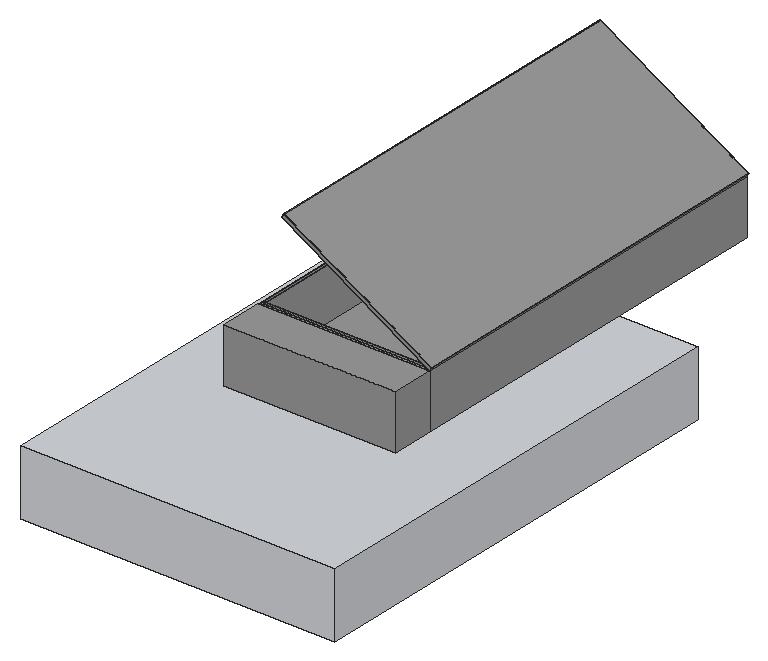
Revit family "Hager-Univers-IP55-D275-H2050-Cl.II-Steel_encl-NoHosted-DE-de", category Equipement électrique, Revit 2020
Family settings
  Hôte = Face
  Configuration du panneau = Deux colonnes, circuits au sein
  Cote de connecteur circulaire = Utiliser le diamètre
  Type d'élément = Tableau de raccordement
  Couper avec des vides une fois chargée = Non
  Partagée = Non
  Point de calcul de pièce = Non
Parameters (values of type "Bodenaufstellung IP55 B800 H2050 T275  - FR23S2")
  Width Control [instance] = if([EF000008 - Breite] > Min Width, [EF000008 - Breite], Min Width)  # 800 mm
  Commentaires du type = [HG000003 - Bereich]  # "Univers"
  Thickness Door [instance] = if([EF009171 - Materialstärke Tür/Deckel] > 3 mm, 3 mm, [EF009171 - Materialstärke Tür/Deckel])  # 1.5 mm
  Seal Frame Offset [instance] = 17 mm  # constant formula
  Plinth Visibility [instance] = [HG000027 - Sockelhöhe] > 0 mm  # yes
  Model = ""
  Min Width [instance] = 100 mm  # constant formula
  Min Height [instance] = 100 mm  # constant formula
  Min Depth [instance] = (2 * [EF009170 - Materialstärke Gehäuse]) + 1 mm  # 4 mm
  Internal Frame Depth [instance] = (Door System Depth * 0.5)  # 9 mm
  Height Control [instance] = if([EF000040 - Höhe] > Min Height, [EF000040 - Höhe], Min Height)  # 2050 mm
  HG000027 - Sockelhöhe = 200 mm
  HG000026 - Stehend auf dem Boden = yes
  HG000024 - Höhe des unteren Teils = 800 mm
  HG000023 - Gehäuse mit doppeltem Querschnitt = no
  HG000016 - 3D-Türsichtbarkeit [instance] = yes
  HG000015 - Sichtbarkeit der Türöffnung [instance] = no
  HG000014 - Tür rechts [instance] = yes
  HG000013 - Tür links [instance] = not([HG000014 - Tür rechts])  # no
  HG000012 - Türschwenkwinkel [instance] = 30.00°
  HG000010 - Asymmetrische Türen = no
  HG000009 - Doppelflügeligen Tür = no
  HG000006 - Unterputz = no
  HG000004 - Herstellerreferenz = "FR23S2"
  HG000003 - Bereich = "Univers"
  HG000002 - Mit tür = yes
  Frame Offset Bottom [instance] = 10 mm  # constant formula
  Frame Offset [instance] = 15 mm  # constant formula
  EF015940 - Deckel mit Überdruckentlastung = no
  EF011959 - Schutzart (NEMA) = ""
  EF009554 - Anzahl der Öffnungen für Flanschplatten = 6
  Fabricant = "Hager"  # constant formula
  EF009212 - Ausführung Deckel = "EV000116 - geschlossen"
  EF009171 - Materialstärke Tür/Deckel = 1.5 mm
  EF009170 - Materialstärke Gehäuse = 1.5 mm
  EF008873 - Nennstrom (In) = 800 A
  EF007800 - Geeignet für Blitzschutz = no
  EF006306 - Mit Schloss = no
  EF006244 - Transparenter Deckel/Tür = no
  EF005474 - Schutzart (IP) = "EV006420 - IP55"
  EF004464 - Art der Tür = "EV002646 - Einzel"
  EF004427 - Anzahl der Module = 432
  EF004293 - Schlagfestigkeit = "EV008784 - IK10"
  EF003532 - Geeignet für Außengebrauch = no
  EF002950 - Breite in Teilungseinheiten = 24
  EF001613 - Funktionserhalt = "EV000494 - ohne"
  EF001596 - Werkstoff des Gehäuses = "EV000179 - Stahl"
  EF001131 - Innentiefe = 275 mm
  EF001088 - Anbaumöglichkeit = yes
  EF000437 - Anzahl der Leitungseinführungen = 6
  EF000339 - Art der Abdeckung = "EV004216 - Tür"
  EF000266 - Anzahl der Reihen = 12
  EF000218 - Einbautiefe = 0 mm
  EF000118 - Mit Montageplatte = no
  EF000116 - RAL-Nummer = "7035"
  EF000049 - Tiefe = 275 mm
  EF000040 - Höhe = 2050 mm
  EF000008 - Breite = 800 mm
  EF000007 - Farbe = "EV000270 - grau"
  EF000003 - Montageart = "EV012274 - Bodenaufstellung"
  Door System Leaf Tolerance [instance] = 1.5 mm  # constant formula
  Door System Depth [instance] = 18 mm  # constant formula
  Door Height [instance] = Height Control - [HG000027 - Sockelhöhe]  # 1850 mm
  Depth Control [instance] = if([EF000049 - Tiefe] > Min Depth, [EF000049 - Tiefe], Min Depth)  # 275 mm
  Default Elevation = 0 mm
  Connector Offset [instance] = Height Control / 2  # 1025 mm
  Bottom Top Plate Trim [instance] = 1.5 mm  # constant formula
  Plinth height Ctrl [instance] = if([HG000027 - Sockelhöhe] > 0 mm, [HG000027 - Sockelhöhe], 12 mm)  # 200 mm
Types (11, lengths in mm): name | Width Control | HG000010 - Asymmetrische Türen | HG000009 - Doppelflügeligen Tür | HG000004 - Herstellerreferenz | EF009554 - Anzahl der Öffnungen für Flanschplatten | EF006244 - Transparenter Deckel/Tür | EF004464 - Art der Tür | EF004427 - Anzahl der Module | EF000437 - Anzahl der Leitungseinführungen | EF000008 - Breite
  Bodenaufstellung IP55 B1050 H2050 T275  - FR24L2 | 1050 | yes | yes | "FR24L2" | 8 | yes | "EV003602 - Doppel" | 576 | 8 | 1050
  Bodenaufstellung IP55 B1050 H2050 T275  - FR24S2 | 1050 | yes | yes | "FR24S2" | 8 | no | "EV003602 - Doppel" | 576 | 8 | 1050
  Bodenaufstellung IP55 B1300 H2050 T275  - FR25L2 | 1300 | yes | yes | "FR25L2" | 10 | yes | "EV003602 - Doppel" | 720 | 10 | 1300
  Bodenaufstellung IP55 B1300 H2050 T275  - FR25S2 | 1300 | yes | yes | "FR25S2" | 10 | no | "EV003602 - Doppel" | 720 | 10 | 1300
  Bodenaufstellung IP55 B1550 H2050 T275  - FR26L2 | 1550 | yes | yes | "FR26L2" | 12 | yes | "EV003602 - Doppel" | 864 | 12 | 1550
  Bodenaufstellung IP55 B1550 H2050 T275  - FR26S2 | 1550 | yes | yes | "FR26S2" | 12 | no | "EV003602 - Doppel" | 864 | 12 | 1550
  Bodenaufstellung IP55 B300 H2050 T275  - FR21S2 | 300 | no | no | "FR21S2" | 2 | no | "EV002646 - Einzel" | 144 | 2 | 300
  Bodenaufstellung IP55 B550 H2050 T275  - FR22L2 | 550 | no | no | "FR22L2" | 4 | yes | "EV002646 - Einzel" | 288 | 4 | 550
  Bodenaufstellung IP55 B550 H2050 T275  - FR22S2 | 550 | no | no | "FR22S2" | 4 | no | "EV002646 - Einzel" | 288 | 4 | 550
  Bodenaufstellung IP55 B800 H2050 T275  - FR23L2 | 800 | no | no | "FR23L2" | 6 | yes | "EV002646 - Einzel" | 432 | 6 | 800
  Bodenaufstellung IP55 B800 H2050 T275  - FR23S2 | 800 | no | no | "FR23S2" | 6 | no | "EV002646 - Einzel" | 432 | 6 | 800
Reference planes
  plane 1 "Center (Front/Back)": y = 0
  plane 2: z = 0
  plane 3 "Center (Left/Right)": x = 0
  plane 4: z = 275
  plane 5: y = 201.5
  plane 6: y = 1125
  plane 7: y = 200
  plane 8: y = 2050
  plane 9: z = 0
  plane 10: x = -385
  plane 11: x = 385
  plane 12: x = 383.5
  plane 13: x = -383.5
  plane 14: y = 2048.5
  plane 15: x = -383
  plane 16: x = -400
  plane 17: x = 383
  plane 18: x = 400
  plane 19: x = 398.5
  plane 20: x = -398.5
  plane 21: y = 211.5
  plane 22: y = 2050
  plane 23: y = 2033.5
  plane 24: z = 257
  plane 25: z = 1.5
  plane 26: z = 255.5
  plane 27: z = 273.5
Forms (mm)
  Extrusion 1, solid
    sketch origin (0, 0, 0) x (1, 0, 0) y (0, 1, 0)
      loop
        line (-702.964, 1305) -> (-702.964, -811.445) -> (766.763, -811.445) -> (766.763, 1305) -> (-702.964, 1305)
    from 0 to -304.8
  Extrusion 2, solid, material "Hager_Steel_RAL7035_Light_Grey", visible <- "Plinth Visibility", detail levels medium+fine
    sketch origin (0, 0, 0) x (1, 0, 0) y (0, 1, 0)
      loop
        line (-400, 0) -> (400, 0) -> (400, 200) -> (-400, 200) -> (-400, 0)
    from 0 to 257
  Extrusion 3, solid, material "Hager_Steel_RAL7035_Light_Grey", detail levels medium+fine
    sketch origin (0, 0, 0) x (1, 0, 0) y (0, 1, 0)
      loop
        line (-400, 200) -> (400, 200) -> (400, 2050) -> (-400, 2050) -> (-400, 200)
    from 0 to 257
  Extrusion 4, void
    sketch origin (0, 0, 0) x (1, 0, 0) y (0, 1, 0)
      loop
        line (-398.5, 201.5) -> (398.5, 201.5) -> (398.5, 2048.5) -> (-398.5, 2048.5) -> (-398.5, 201.5)
    from 1.5 to 255.5
  Extrusion 5, void
    sketch origin (-381.607, -4572, 257) x (0, -1, 0) y (-1, 0, 0)
      loop
        line (-4783.5, 1.893) -> (-6605.5, 1.893) -> (-6605.5, -765.107) -> (-4783.5, -765.107) -> (-4783.5, 1.893)
    from 0 to 1.5 <- "EF009170 - Materialstärke Gehäuse"
  Extrusion 6, solid, material "Hager_Steel_RAL7035_Light_Grey", detail levels fine
    sketch origin (0, 0, 257) x (1, 0, 0) y (0, 1, 0)
      loop
        line (-383.5, 2033.5) -> (-383.5, 211.5) -> (383.5, 211.5) -> (383.5, 2033.5) -> (-383.5, 2033.5)
      loop
        line (-385, 210) -> (385, 210) -> (385, 2035) -> (-385, 2035) -> (-385, 210)
    from 0 to 9 <- "Internal Frame Depth"
  Extrusion 7, solid, material "Hager_Steel_RAL7035_Light_Grey", detail levels coarse
    sketch origin (0, 0, 0) x (1, 0, 0) y (0, 1, 0)
      loop
        line (-400, 0) -> (400, 0) -> (400, 2050) -> (-400, 2050) -> (-400, 0)
    from 0 to 275
  Sweep 8, void
    path in 3D
      loop
        line (-400, 200, 0) -> (400, 200, 0) -> (400, 200, 257) -> (-400, 200, 257) -> (-400, 200, 0)
    profile origin (-400, 200, 128.5) x (-1, 0, 0) y (0, -1, 0)
      loop
        line (0, 0) -> (0, 1.5) -> (-1.5, 1.5)
        arc (-1.5, 1.5) -> (-1.061, 0.439) -> (0, 0) r 1.5
Cuts and joins
  Extrusion 4, Extrusion 5 cuts Extrusion 3
  Sweep 8 cuts Extrusion 2
Lines and regions (mm)
  Masking region 1
    outline origin (0, 0, 0) x (1, 0, 0) y (0, 0, 1)
      loop
        line (-400, 275) -> (-400, 0) -> (400, 0) -> (400, 275) -> (-400, 275)
  Masking region 2, detail levels medium+fine
    outline origin (0, 140, 0) x (0, 1, 0) y (0, 0, 1)
      loop
        line (60, 0) -> (1910, 0) -> (1910, 257) -> (60, 257) -> (60, 0)
  Masking region 3, not visible, detail levels medium+fine
    outline origin (0, 297.922, 0) x (0, 1, 0) y (0, 0, 1)
      loop
        line (838.578, 0) -> (878.578, 0) -> (878.578, 263.5)
        arc (878.578, 263.5) -> (875.649, 270.571) -> (868.578, 273.5) r 10
        line (868.578, 273.5) -> (838.578, 273.5) -> (838.578, 0)
  Masking region 4, detail levels coarse
    outline origin (0, 0, 180) x (0, 1, 0) y (0, 0, 1)
      loop
        line (0, -180) -> (2050, -180) -> (2050, 95) -> (0, 95) -> (0, -180)
  Masking region 5, visible <- "Plinth Visibility", detail levels medium+fine
    outline origin (0, 52.24, 12.345) x (0, 0, -1) y (0, 1, 0)
      loop
        line (10.845, 147.76) -> (-243.155, 147.76)
        arc (-243.155, 147.76) -> (-243.594, 146.699) -> (-244.655, 146.26) r 1.5
        line (-244.655, 146.26) -> (-244.655, -52.24) -> (12.345, -52.24) -> (12.345, 146.26)
        arc (12.345, 146.26) -> (11.285, 146.699) -> (10.845, 147.76) r 1.5
  Masking region 6, detail levels medium+fine
    outline origin (-381.607, -4572, 257) x (-1, 0, 0) y (0, -1, 0)
      loop
        line (18.393, -6622) -> (18.393, -4772) -> (-781.607, -4772) -> (-781.607, -6622) -> (18.393, -6622)
  Masking region 7, visible <- "Plinth Visibility", detail levels medium+fine
    outline origin (-381.607, -4727, 257) x (-1, 0, 0) y (0, -1, 0)
      loop
        arc (16.893, -4927) -> (17.332, -4925.939) -> (18.393, -4925.5) r 1.5
        line (18.393, -4925.5) -> (18.393, -4727) -> (-781.607, -4727) -> (-781.607, -4925.5)
        arc (-781.607, -4925.5) -> (-780.546, -4925.939) -> (-780.107, -4927) r 1.5
        line (-780.107, -4927) -> (16.893, -4927)
  Masking region 8, detail levels coarse
    outline origin (-442.548, -4669.526, 257) x (-1, 0, 0) y (0, -1, 0)
      loop
        line (-42.548, -6719.526) -> (-42.548, -4669.526) -> (-842.548, -4669.526) -> (-842.548, -6719.526) -> (-42.548, -6719.526)
  sketch lines
    curve 1: line (-400, 200, 257) -> (-400, 200, 0)
    curve 2: line (400, 200, 257) -> (-400, 200, 257)
    curve 3: line (400, 200, 257) -> (400, 200, 0)
    curve 4: line (-400, 200, 0) -> (400, 200, 0)
Dimensions and locks
  "Depth Control": plane 4 to Extrusion 1
  "HG000027 - Sockelhöhe": plane 1 "Center (Front/Back)" to plane 7
  "EF009170 - Materialstärke Gehäuse": plane 5 to plane 7
  locked: connector elem to plane 3 "Center (Left/Right)"
  equal spacing: plane 8, plane 6, plane 7
  locked: connector elem to plane 6
  "EF009170 - Materialstärke Gehäuse": plane 8 to plane 14
  "EF009170 - Materialstärke Gehäuse": plane 10 to plane 13
  "EF009170 - Materialstärke Gehäuse": plane 12 to plane 11
  "Frame Offset": plane 20 to plane 13
  "Frame Offset": plane 12 to plane 19
  "EF009170 - Materialstärke Gehäuse": plane 16 to plane 20
  "EF009170 - Materialstärke Gehäuse": plane 19 to plane 18
  "Seal Frame Offset": plane 16 to plane 15
  "Seal Frame Offset": plane 17 to plane 18
  "Frame Offset Bottom": plane 21 to plane 5
  "Frame Offset": plane 14 to plane 23
  equal spacing: plane 16, plane 3 "Center (Left/Right)", plane 18
  "Width Control": plane 16 to plane 18
  "EF009170 - Materialstärke Gehäuse": plane 4 to plane 27
  "EF009170 - Materialstärke Gehäuse": plane 24 to plane 26
  "EF009170 - Materialstärke Gehäuse": plane 25 to level
  "Door System Depth": plane 4 to plane 24
  "Height Control": plane 1 "Center (Front/Back)" to Extrusion 7 sketch curve
  "Height Control": Masking region 4 sketch curve to plane 1 "Center (Front/Back)"
  "Height Control": plane 1 "Center (Front/Back)" to plane 22
  "Bottom Top Plate Trim": profile plane to Sweep 8 sketch curve
  "Bottom Top Plate Trim": Sweep 8 sketch curve to profile plane
  "Plinth height Ctrl": plane 1 "Center (Front/Back)" to Extrusion 2 sketch curve
  "Plinth height Ctrl": Masking region 5 sketch curve to plane 1 "Center (Front/Back)"
  "Plinth height Ctrl": plane 1 "Center (Front/Back)" to Masking region 7 sketch curve
  "Thickness Door": Extrusion 6 sketch curve to Extrusion 6 sketch curve  (x3)
  "Thickness Door": cut or joined group of Extrusion 3, Extrusion 4, Extrusion 5 to Extrusion 6 sketch curve
  radius of Masking region 3 sketch curve = 10 mm
  "Bottom Top Plate Trim": radius of Masking region 5 sketch curve  (x2)
  "Bottom Top Plate Trim": radius of Sweep 8 sketch curve
  "Bottom Top Plate Trim": radius of Masking region 7 sketch curve  (x2)
  aligned and locked: plane 2 to Extrusion 1
  aligned and locked: level to Extrusion 1
  aligned and locked: level to Masking region 1 sketch curve
  aligned and locked: Masking region 1 sketch curve to plane 18
  aligned and locked: Masking region 1 sketch curve to plane 16
  aligned and locked: plane 7 to Masking region 2 sketch curve
  aligned and locked: level to Masking region 3 sketch curve
  aligned and locked: Masking region 3 sketch curve to plane 27
  aligned and locked: level to Masking region 2 sketch curve
  aligned and locked: plane 1 "Center (Front/Back)" to Extrusion 2 sketch curve
  aligned and locked: Extrusion 3 sketch curve to plane 7
  aligned and locked: plane 16 to Extrusion 3 sketch curve
  aligned and locked: plane 18 to Extrusion 3 sketch curve
  aligned and locked: plane 20 to Extrusion 4 sketch curve
  aligned and locked: plane 19 to Extrusion 4 sketch curve
  aligned and locked: Extrusion 4 sketch curve to plane 5
  aligned and locked: Extrusion 4 to plane 25
  aligned and locked: plane 26 to Extrusion 4
  aligned and locked: plane 24 to Extrusion 3
  aligned and locked: Extrusion 5 sketch curve to plane 21
  aligned and locked: Extrusion 5 sketch curve to plane 13
  aligned and locked: Extrusion 5 sketch curve to plane 12
  aligned and locked: plane 18 to Extrusion 7 sketch curve
  aligned and locked: plane 1 "Center (Front/Back)" to Extrusion 7 sketch curve
  aligned and locked: plane 16 to Extrusion 7 sketch curve
  aligned and locked: plane 4 to Extrusion 7
  aligned and locked: Extrusion 7 to level
  aligned and locked: level to Masking region 4 sketch curve
  aligned and locked: Masking region 4 sketch curve to plane 1 "Center (Front/Back)"
  aligned and locked: Masking region 4 sketch curve to plane 4
  aligned and locked: nested 1 to level
  aligned and locked: nested 1 to plane 16
  aligned and locked: plane 8 to Extrusion 3 sketch curve
  aligned and locked: plane 23 to Extrusion 5 sketch curve
  aligned and locked: plane 14 to Extrusion 4 sketch curve
  aligned and locked: Masking region 2 sketch curve to plane 8
  aligned and locked: level to Masking region 5 sketch curve
  aligned and locked: plane 16 to Extrusion 2 sketch curve
  aligned and locked: plane 18 to Extrusion 2 sketch curve
  aligned and locked: Masking region 5 sketch curve to plane 24
  aligned and locked: Masking region 2 sketch curve to plane 24
  aligned and locked: plane 24 to Extrusion 2
  aligned and locked: profile plane to Sweep 8 sketch curve  (x2)
  aligned and locked: Masking region 6 sketch curve to plane 18
  aligned and locked: Masking region 6 sketch curve to plane 22
  aligned and locked: Masking region 6 sketch curve to plane 16
  aligned and locked: plane 8 to plane 22
  aligned and locked: Masking region 6 sketch curve to plane 7
  aligned and locked: Masking region 7 sketch curve to plane 16
  aligned and locked: Masking region 7 sketch curve to plane 1 "Center (Front/Back)"
  aligned and locked: Masking region 7 sketch curve to plane 18
  aligned and locked: Masking region 8 sketch curve to plane 1 "Center (Front/Back)"
  aligned and locked: Masking region 8 sketch curve to plane 18
  aligned and locked: Masking region 8 sketch curve to plane 22
  aligned and locked: Masking region 8 sketch curve to plane 16
  aligned and locked: nested 2 to plane 7
  aligned and locked: plane 3 "Center (Left/Right)" to nested 2
  aligned and locked: nested 2 to plane 24
  aligned and locked: Extrusion 6 sketch curve to cut or joined group of Extrusion 3, Extrusion 4, Extrusion 5  (x4)
Automatic sketch dimensions
  Extrusion 1 sketch curve to Extrusion 1 sketch curve = 1469.727 mm
  Extrusion 1 sketch curve to Extrusion 1 sketch curve = 2116.445 mm
  Masking region 1 sketch curve to plane 4 = 0 mm
  plane 6 to Masking region 3 sketch curve = 11.5 mm
  Masking region 3 sketch curve to Masking region 3 sketch curve = 30 mm
  Masking region 5 sketch curve to plane 1 "Center (Front/Back)" = 0 mm
Nested families
  nested 1: "Hager_Enclosure_Symbol" at (-400, 0, 0) x (1, 0, 0) z (0, -1, 0), Height <- "Depth Control", Width <- "Width Control", type "Hager_Enclosure_Symbol"
    with Width_Ctrl 800 mm, Width 800 mm, Height_Ctrl 275 mm, Height 275 mm, A_Width_Int 18.047 mm, A_Width 216.562 mm, A_Height_Ctrl 240.625 mm, A_Height 240.625 mm
  nested 2: "EC000058_Univers_Door" at (0, 200, 257) x (1, 0, 0) z (0, 1, 0), Leaf_Tolerance <- "Door System Leaf Tolerance", Angle <- "HG000012 - Türschwenkwinkel", Door_Depth <- "Door System Depth", Door_Left <- "HG000013 - Tür links", Transparent <- "EF006244 - Transparenter Deckel/Tür", Assymetrical <- "HG000010 - Asymmetrische Türen", Width <- "Width Control", Clearance <- "HG000015 - Sichtbarkeit der Türöffnung", Double <- "HG000009 - Doppelflügeligen Tür", 3d_Door <- "HG000016 - 3D-Türsichtbarkeit", Lock_Visibility <- "EF006306 - Mit Schloss", Width_Ctrl <- "Width Control", Door_Right <- "HG000014 - Tür rechts", Door <- "HG000002 - Mit tür", Height <- "Door Height", Thickness <- "Thickness Door", type "EC000058_Univers_Door", detail levels medium+fine
    with min_wh 4 mm, Width_Ctrl 800 mm, Width 800 mm, Transparent no, Thickness 1.5 mm, Seal_Material Hager_Rubber, Lock_Visibility no, Lock_Material Hager_Plastic_RAL9005_Jet_Black, Leaf_Width 800 mm, Leaf_Tolerance_External_Sides 0 mm, Leaf_Tolerance 1.5 mm, Leaf_Offset 0 mm, Leaf_Height 1847 mm, Leaf_2_Width 800 mm, Leaf_2_Offset 400 mm, Leaf_1_Width 800 mm, Leaf_1_Offset 400 mm, Height_Ctrl 1850 mm, Height 1850 mm, Glass_Material Hager_Glass, Double_Clearance_Ctrl no, Double no, Door_Right_Ctrl yes, Door_Right yes, Door_Material Hager_Steel_RAL7035_Light_Grey, Door_Left_Ctrl no, Door_Left no, Door_Depth 18 mm, Door yes, Clearance_Material Hager_Clearance, Clearance_Depth 800 mm, Clearance_Ctrl no, Clearance no, Assymetrical no, Angle 30.00°, 3d_Door yes
Connectors
  electrical at (0, 1125, 0)
    settings: on plane 9, index 1, voltage 0 V, apparent load 0 VA, apparent load phase1 0 VA, apparent load phase2 0 VA, apparent load phase3 0 VA, power factor 1, load classification "Other", number of poles 1, system type 30, power factor state 1, is connector primary yes, connector utility no, sub classification motor no, connector description ""
Definition of nested family "EC000058_Univers_Door"
  Parameters (values of type "EC000058_Univers_Door")
    min_wh [instance] = (2 * Thickness) + 1 mm  # 11 mm
    Width_Ctrl [instance] = 400 mm
    Width [instance] = 500 mm
    Transparent [instance] = yes
    Thickness [instance] = 5 mm
    Seal_Material [instance] = none
    Lock_Visibility [instance] = yes
    Lock_Material [instance] = none
    Leaf_Width [instance] = if((Width_Ctrl - 2 * Leaf_Tolerance_External_Sides) > 0 mm, (Width_Ctrl - 2 * Leaf_Tolerance_External_Sides), min_wh)  # 400 mm
    Leaf_Tolerance_External_Sides [instance] = 0 mm  # constant formula
    Leaf_Tolerance [instance] = 1.5 mm
    Leaf_Offset [instance] = 0 mm  # constant formula
    Leaf_Height [instance] = if((Height_Ctrl - 2 * Leaf_Tolerance) > 0 mm, (Height_Ctrl - 2 * Leaf_Tolerance), min_wh)  # 497 mm
    Leaf_2_Width [instance] = if(and(and(Double, Assymetrical), Door_Left), (Leaf_Width / 3) - (Leaf_Tolerance / 2), if(and(and(Double, Assymetrical), Door_Right), (Leaf_Width / 3) * 2 - (Leaf_Tolerance / 2), if(and(Double, not(Assymetrical)), (Leaf_Width / 2) - Leaf_Tolerance, Leaf_Width)))  # 400 mm
    Leaf_2_Offset [instance] = if(and(Double, Assymetrical), Leaf_2_Width / 2, if(and(Double, not(Assymetrical)), Leaf_Width / 4, Leaf_Width / 2))  # 200 mm
    Leaf_1_Width [instance] = if(and(and(Double, Assymetrical), Door_Right), (Leaf_Width / 3) - (Leaf_Tolerance / 2), if(and(and(Double, Assymetrical), Door_Left), (Width / 3) * 2 - (Leaf_Tolerance / 2), if(and(Double, not(Assymetrical)), (Leaf_Width / 2) - Leaf_Tolerance, Leaf_Width)))  # 400 mm
    Leaf_1_Offset [instance] = if(and(Double, Assymetrical), Leaf_1_Width / 2, if(and(Double, not(Assymetrical)), Leaf_Width / 4, Leaf_Width / 2))  # 200 mm
    Height_Ctrl [instance] = if(Height > min_wh, Height, min_wh)  # 500 mm
    Height [instance] = 500 mm
    Glass_Material [instance] = none
    Double_Clearance_Ctrl [instance] = and(Double, Clearance)  # no
    Double [instance] = no
    Door_Right_Ctrl [instance] = and(or(Door_Right, Double), Door)  # yes
    Door_Right [instance] = yes
    Door_Material [instance] = none
    Door_Left_Ctrl [instance] = and(or(Door_Left, Double), Door)  # no
    Door_Left [instance] = no
    Door_Depth [instance] = 30 mm
    Door [instance] = yes
    Default Elevation = 1219.2 mm
    Clearance_Material [instance] = none
    Clearance_Depth [instance] = if(Leaf_1_Width > Leaf_2_Width, Leaf_1_Width, Leaf_2_Width)  # 400 mm
    Clearance_Ctrl [instance] = and(not(Double), Clearance)  # yes
    Clearance [instance] = yes
    Assymetrical [instance] = yes
    Angle [instance] = 30.00°
    3d_Door [instance] = yes
  Reference planes
    plane 1 "Center (Front/Back)": y = 0
    plane 2 "Bottom": z = 0
    plane 3 "Center (Left/Right)": x = 0
    plane 4: z = 500
    plane 5: x = -200
    plane 6: x = 200
    plane 7: z = 500
    plane 8: x = -200
    plane 9: z = 0
    plane 10: x = 200
    plane 11: y = 0
    plane 12: z = 1.5
    plane 13: x = -600
    plane 14: y = -400
    plane 15: x = 600
    plane 16: x = 0
    plane 17: x = 0
    plane 18: x = -200
    plane 19: x = 200
    plane 20: z = 498.5
  Forms (mm)
    Extrusion 1, solid, material <- "Clearance_Material", visible <- "Double_Clearance_Ctrl"
      sketch origin (1200, 0, 0) x (1, 0, 0) y (0, 0, -1)
        loop
          line (-1800, -498.5) -> (-600, -498.5) -> (-600, 0) -> (-1800, 0) -> (-1800, -498.5)
      from 0 to -400
  Dimensions and locks
    equal spacing: plane 5, plane 3 "Center (Left/Right)", plane 6
    "Width_Ctrl": plane 5 to plane 6
    "Leaf_Offset": plane 5 to plane 8
    "Leaf_Offset": plane 6 to plane 10
    "Leaf_Offset": plane 9 to level
    "Leaf_Offset": plane 4 to plane 7
    "Height_Ctrl": plane 4 to level
    "Leaf_Tolerance": plane 12 to plane 9
    locked: plane 11 to plane 1 "Center (Front/Back)"
    "Leaf_1_Offset": plane 18 to plane 16
    "Leaf_2_Offset": plane 17 to plane 19
    "Leaf_1_Width": plane 13 to plane 8
    "Leaf_2_Width": plane 10 to plane 15
    "Clearance_Depth": plane 14 to plane 1 "Center (Front/Back)"
    "Leaf_Tolerance_External_Sides": plane 8 to plane 18
    "Leaf_Tolerance_External_Sides": plane 19 to plane 10
    "Leaf_Tolerance": plane 7 to plane 20
    aligned and locked: level to plane 2 "Bottom"
    aligned and locked: nested 1 to plane 16
    aligned and locked: nested 2 to plane 17
    aligned and locked: Extrusion 1 to plane 13
    aligned and locked: plane 15 to Extrusion 1
    aligned and locked: Extrusion 1 to plane 14
    aligned and locked: plane 12 to nested 1
    aligned and locked: nested 2 to plane 12
    aligned and locked: Extrusion 1 to plane 11
    aligned and locked: plane 20 to Extrusion 1
    aligned and locked: nested 2 to plane 11
    aligned and locked: nested 1 to plane 11
  Automatic sketch dimensions
    Extrusion 1 sketch curve to level = 0 mm
    plane 5 to Extrusion 1 sketch curve = 400 mm
    plane 6 to Extrusion 1 sketch curve = 400 mm
    Extrusion 1 sketch curve to plane 4 = 1.5 mm
  Nested families
    nested 1: "EC000058_Univers_Door_Leaf" at (0, 0, 1.5), Width <- "Leaf_1_Width", visible <- "Door_Left_Ctrl", Leaf_Height <- "Leaf_Height", Angle <- "Angle", 3d_Door <- "3d_Door", Transparent <- "Transparent", Clearance Material <- "Clearance_Material", Clearance <- "Clearance_Ctrl", Door_Material <- "Door_Material", Glass_Material <- "Glass_Material", Door_Depth <- "Door_Depth", Lock_Material <- "Lock_Material", Seal_Material <- "Seal_Material", Lock_Visibility <- "Lock_Visibility", Thickness <- "Thickness", type "EC000058_Univers_Door_Leaf"
      with Width 400 mm, Transparent_Glass_Offset 30 mm, Transparent_Ctrl yes, Transparent yes, Thickness 5 mm, Standard no, Seal_Material none, Seal_D2 8 mm, Seal_D1 1 mm, Offset_Internal_Frame 10 mm, Lock_Width 20 mm, Lock_Visibility_3d yes, Lock_Visibility yes, Lock_Thickness_3 3 mm, Lock_Thickness_2 1 mm, Lock_Thickness_1 3 mm, Lock_Radius_Offset_2 16 mm, Lock_Radius_Offset_1 15 mm, Lock_Radius_2 5 mm, Lock_Radius 6 mm, Lock_Offset 5 mm, Lock_Material none, Lock_Height 80 mm, Lock_Cover_Top_Offset_2d 17 mm, Lock_Cover_Height -65 mm, Leaf_Height 497 mm, Internal_Seal_Thickness 8 mm, Internal_Seal_Depth_2 4.5 mm, Internal_Frame_Depth 25 mm, Glass_Thickness -1 mm, Glass_Offset -2 mm, Glass_Material none, Door_Material none, Door_Depth 30 mm, Clearance Material none, Clearance yes, Angle_Ctrl 30.00°, Angle 30.00°, 3d_Door yes
    nested 2: "EC000058_Univers_Door_Leaf" at (0, 0, 1.5) x (-1, 0, 0) z (0, 0, 1), Width <- "Leaf_2_Width", visible <- "Door_Right_Ctrl", Leaf_Height <- "Leaf_Height", Angle <- "Angle", 3d_Door <- "3d_Door", Transparent <- "Transparent", Clearance Material <- "Clearance_Material", Clearance <- "Clearance_Ctrl", Door_Material <- "Door_Material", Glass_Material <- "Glass_Material", Door_Depth <- "Door_Depth", Lock_Material <- "Lock_Material", Seal_Material <- "Seal_Material", Lock_Visibility <- "Lock_Visibility", Thickness <- "Thickness", type "EC000058_Univers_Door_Leaf"
      with Width 400 mm, Transparent_Glass_Offset 30 mm, Transparent_Ctrl yes, Transparent yes, Thickness 5 mm, Standard no, Seal_Material none, Seal_D2 8 mm, Seal_D1 1 mm, Offset_Internal_Frame 10 mm, Lock_Width 20 mm, Lock_Visibility_3d yes, Lock_Visibility yes, Lock_Thickness_3 3 mm, Lock_Thickness_2 1 mm, Lock_Thickness_1 3 mm, Lock_Radius_Offset_2 16 mm, Lock_Radius_Offset_1 15 mm, Lock_Radius_2 5 mm, Lock_Radius 6 mm, Lock_Offset 5 mm, Lock_Material none, Lock_Height 80 mm, Lock_Cover_Top_Offset_2d 17 mm, Lock_Cover_Height -65 mm, Leaf_Height 497 mm, Internal_Seal_Thickness 8 mm, Internal_Seal_Depth_2 4.5 mm, Internal_Frame_Depth 25 mm, Glass_Thickness -1 mm, Glass_Offset -2 mm, Glass_Material none, Door_Material none, Door_Depth 30 mm, Clearance Material none, Clearance yes, Angle_Ctrl 30.00°, Angle 30.00°, 3d_Door yes
  Definition of nested family "EC000058_Univers_Door_Leaf"
    Parameters (values of type "EC000058_Univers_Door_Leaf")
      Width [instance] = 2000 mm
      Transparent_Glass_Offset [instance] = 30 mm
      Transparent_Ctrl [instance] = and(Transparent, [3d_Door])  # yes
      Transparent [instance] = yes
      Thickness [instance] = 5 mm
      Standard [instance] = and(not(Transparent), [3d_Door])  # no
      Seal_Material [instance] = none
      Seal_D2 [instance] = 8 mm  # constant formula
      Seal_D1 [instance] = 1 mm  # constant formula
      Offset_Internal_Frame [instance] = 10 mm  # constant formula
      Lock_Width [instance] = 20 mm  # constant formula
      Lock_Visibility_3d [instance] = and(Lock_Visibility, [3d_Door])  # yes
      Lock_Visibility [instance] = yes
      Lock_Thickness_3 [instance] = 3 mm  # constant formula
      Lock_Thickness_2 [instance] = 1 mm  # constant formula
      Lock_Thickness_1 [instance] = 3 mm  # constant formula
      Lock_Radius_Offset_2 [instance] = Lock_Radius_Offset_1 + 1 mm  # 16 mm
      Lock_Radius_Offset_1 [instance] = 15 mm  # constant formula
      Lock_Radius_2 [instance] = Lock_Radius - 1 mm  # 5 mm
      Lock_Radius [instance] = 6 mm  # constant formula
      Lock_Offset [instance] = 5 mm  # constant formula
      Lock_Material [instance] = none
      Lock_Height [instance] = 80 mm  # constant formula
      Lock_Cover_Top_Offset_2d [instance] = Lock_Radius_Offset_2 + 1 mm  # 17 mm
      Lock_Cover_Height [instance] = -(Lock_Height - Lock_Radius_Offset_1)  # -65 mm
      Leaf_Height [instance] = 2720.336 mm
      Internal_Seal_Thickness [instance] = 8 mm  # constant formula
      Internal_Seal_Depth_2 [instance] = 4.5 mm  # constant formula
      Internal_Frame_Depth [instance] = if(Door_Depth - Thickness > 5 mm, Door_Depth - Thickness, 5 mm)  # 25 mm
      Glass_Thickness [instance] = if(Thickness > 15 mm, Glass_Offset + 10 mm, -1 mm)  # -1 mm
      Glass_Offset [instance] = if(Thickness > 15 mm, -(Thickness + 10 mm) / 2, -2 mm)  # -2 mm
      Glass_Material [instance] = none
      Door_Material [instance] = none
      Door_Depth [instance] = 30 mm
      Default Elevation = 0 mm
      Clearance Material [instance] = none
      Clearance [instance] = yes
      Angle_Ctrl [instance] = if(Angle > 180.00°, 180.00°, Angle)  # 90.00°
      Angle [instance] = 90.00°
      3d_Door [instance] = yes
    Reference planes
      plane 1 "Center (Front/Back)": y = 0
      plane 2: z = 0
      plane 3 "Center (Left/Right)": x = 0
      plane 4: y = 2000
      plane 5: x = -1000
      plane 6: x = 1000
      plane 7: x = -3000
      plane 8: z = 2720.336
      plane 9: z = 30
      plane 10: z = 2690.336
      plane 11: x = 970
      plane 12: x = -970
      plane 13: y = -3
      plane 14: z = 107.833
      plane 15: y = -5
      plane 16: y = -223.314
      plane 17: x = -1000
      plane 18: z = 1360.168
      plane 19: y = 30
    Forms (mm)
      Extrusion 1, solid, material <- "Clearance Material", visible <- "Clearance"
        sketch origin (0, 0, 0) x (1, 0, 0) y (0, 0, 1)
          loop
            line (-3000, 2720.336) -> (-3000, 0) -> (1000, 0) -> (1000, 2720.336) -> (-3000, 2720.336)
        from 0 to -2000
      Extrusion 2, solid, material <- "Door_Material", visible <- "Standard", detail levels medium+fine
        sketch origin (-1000, 0, 0) x (0, 1, 0) y (-1, 0, 0)
          loop
            line (0, 30) -> (0, 25) -> (2000, 25) -> (2000, 30) -> (0, 30)
        from 0 to 2720.336 <- "Leaf_Height"
      Extrusion 3, solid, material <- "Door_Material", visible <- "Transparent_Ctrl", detail levels medium+fine
        sketch origin (-1000, 0, 0) x (0, 1, 0) y (-1, 0, 0)
          loop
            line (0, 25) -> (2000, 25) -> (2000, 30) -> (0, 30) -> (0, 25)
        from 0 to 2720.336 <- "Leaf_Height"
      Extrusion 4, void
        sketch origin (-1025, 2000, 0) x (0, 1, 0) y (0, 0, -1)
          loop
            line (-30, -2690.336) -> (-30, -30) -> (-1970, -30) -> (-1970, -2690.336) -> (-30, -2690.336)
        from 0 to 5 <- "Thickness"
      Sweep 5, solid, material <- "Seal_Material", visible <- "Transparent_Ctrl", detail levels fine
        path in 3D
          loop
            line (-1025, 30, 30) -> (-1025, 30, 2690.336) -> (-1025, 1970, 2690.336) -> (-1025, 1970, 30) -> (-1025, 30, 30)
        profile origin (-1025, 1000, 30) x (1, 0, 0) y (0, 0, 1)
          loop
            line (0, 0) -> (0, -8) -> (1, -8) -> (1, 0) -> (0, 0)
      Extrusion 6, solid, material <- "Glass_Material", visible <- "Transparent_Ctrl", detail levels medium+fine
        sketch origin (-1030, 0, 0) x (0, 1, 0) y (0, 0, -1)
          loop
            line (1970, -2690.336) -> (1970, -30) -> (30, -30) -> (30, -2690.336) -> (1970, -2690.336)
        from -2 <- "Glass_Offset" to -1 <- "Glass_Thickness"
      Extrusion 7, solid, material <- "Door_Material", visible <- "3d_Door", detail levels medium+fine
        sketch origin (-1025, 2000, 0) x (0, -1, 0) y (0, 0, -1)
          loop
            line (0, -2720.336) -> (2000, -2720.336) -> (2000, 0) -> (0, 0) -> (0, -2720.336)
          loop
            line (1995, -5) -> (5, -5) -> (5, -2715.336) -> (1995, -2715.336) -> (1995, -5)
        from 0 to 25 <- "Internal_Frame_Depth"
      Sweep 8, solid, material <- "Seal_Material", visible <- "Transparent_Ctrl", detail levels fine
        path in 3D
          loop
            line (-1025, 0, 0) -> (-1025, 2000, 0) -> (-1025, 2000, 2720.336) -> (-1025, 0, 2720.336) -> (-1025, 0, 0)
        profile origin (-1025, 0, 1360.168) x (1, 0, 0) y (0, 1, 0)
          loop
            line (0, 10) -> (2.975, 10)
            arc (2.975, 10) -> (4.053, 10.447) -> (4.5, 11.525) r 1.525
            line (4.5, 11.525) -> (4.5, 16.527)
            arc (4.5, 16.527) -> (4.069, 17.569) -> (3.027, 18) r 1.473
            line (3.027, 18) -> (0, 18) -> (0, 10)
      Extrusion 9, solid, material <- "Lock_Material", visible <- "Lock_Visibility_3d", detail levels fine
        sketch origin (-1030, 0, 0) x (0, 1, 0) y (0, 0, -1)
          loop
            arc (1993.5, -1400.168) -> (1994.561, -1399.729) -> (1995, -1398.668) r 1.5
            line (1995, -1398.668) -> (1995, -1320.168) -> (1975, -1320.168) -> (1975, -1398.668)
            arc (1975, -1398.668) -> (1975.439, -1399.729) -> (1976.5, -1400.168) r 1.5
            line (1976.5, -1400.168) -> (1993.5, -1400.168)
        from 3 <- "Lock_Thickness_1" to 0
      Blend 10, solid, material <- "Lock_Material", visible <- "Lock_Visibility_3d", detail levels fine
        base sketch origin (-1033, 0, 0) x (0, 1, 0) y (0, 0, -1)
          loop
            line (1975, -1320.168) -> (1975, -1398.668)
            arc (1975, -1398.668) -> (1975.439, -1399.729) -> (1976.5, -1400.168) r 1.5
            line (1976.5, -1400.168) -> (1993.5, -1400.168)
            arc (1993.5, -1400.168) -> (1994.561, -1399.729) -> (1995, -1398.668) r 1.5
            line (1995, -1398.668) -> (1995, -1320.168) -> (1975, -1320.168)
        top sketch origin (-1033, 0, 0) x (0, 1, 0) y (0, 0, -1)
          loop
            line (1976, -1320.168) -> (1976, -1398.668)
            arc (1976, -1398.668) -> (1976.146, -1399.022) -> (1976.5, -1399.168) r 0.5
            line (1976.5, -1399.168) -> (1993.5, -1399.168)
            arc (1993.5, -1399.168) -> (1993.854, -1399.022) -> (1994, -1398.668) r 0.5
            line (1994, -1398.668) -> (1994, -1320.168) -> (1976, -1320.168)
        from 0 to 1 <- "Lock_Thickness_2"
      Blend 11, solid, material <- "Lock_Material", visible <- "Lock_Visibility_3d", detail levels fine
        base sketch origin (-1034, 0, 0) x (0, 1, 0) y (0, 0, -1)
          loop
            line (1978, -1320.168) -> (1978, -1384.168)
            arc (1978, -1384.168) -> (1985, -1391.168) -> (1992, -1384.168) r 7
            line (1992, -1384.168) -> (1992, -1320.168) -> (1978, -1320.168)
        top sketch origin (-1034, 0, 0) x (0, 1, 0) y (0, 0, -1)
          loop
            line (1991, -1320.168) -> (1979, -1320.168) -> (1979, -1383.168)
            arc (1979, -1383.168) -> (1985, -1389.168) -> (1991, -1383.168) r 6
            line (1991, -1383.168) -> (1991, -1320.168)
        from 0 to 3 <- "Lock_Thickness_3"
      Extrusion 12, solid, material <- "Lock_Material", visible <- "Lock_Visibility_3d", detail levels fine
        sketch origin (-1030, 1975, 1320.168) x (1, 0, 0) y (0, -1, 0)
          loop
            line (-7, -19) -> (-7, -1) -> (0, -1) -> (0, 0) -> (-8, 0) -> (-8, -20) -> (0, -20) -> (0, -19) -> (-7, -19)
        from 0 to -65 <- "Lock_Cover_Height"
      Extrusion 13, void
        sketch origin (-1038, 1995, 1320.168) x (-1, 0, 0) y (0, 0, -1)
          loop
            line (-5, -65) -> (0, -65) -> (-5, -60) -> (-5, -65)
        from 0 to 20 <- "Lock_Width"
      Extrusion 14, void
        sketch origin (-1038, 1975, 1320.168) x (0, -1, 0) y (0, 0, -1)
          loop
            circle (-10, -15.995) r 6
          loop
            circle (-10, -15.995) r 5
        from 0 to 2
      Extrusion 15, solid, material <- "Lock_Material", visible <- "Lock_Visibility_3d", detail levels medium
        sketch origin (-1030, 0, 0) x (0, 1, 0) y (0, 0, -1)
          loop
            arc (1993.5, -1400.168) -> (1994.561, -1399.729) -> (1995, -1398.668) r 1.5
            line (1995, -1398.668) -> (1995, -1320.168) -> (1975, -1320.168) -> (1975, -1398.668)
            arc (1975, -1398.668) -> (1975.439, -1399.729) -> (1976.5, -1400.168) r 1.5
            line (1976.5, -1400.168) -> (1993.5, -1400.168)
        from 8 to 0
    Cuts and joins
      Extrusion 4 cuts Extrusion 3
      Extrusion 13, Extrusion 14 cuts Extrusion 9
      Extrusion 14 cuts Blend 11
      Extrusion 13, Extrusion 14 cuts Extrusion 12
      joined: Extrusion 9, Blend 10, Blend 11, Extrusion 12
      Extrusion 14 cuts Extrusion 15
    Lines and regions (mm)
      Masking region 1, visible <- "Lock_Visibility", detail levels fine
        outline origin (0, 0, 0) x (0, 1, 0) y (0, 0, 1)
          loop
            line (30, 1320.168) -> (33, 1320.168) -> (33, 1400.168) -> (30, 1400.168) -> (30, 1320.168)
      Masking region 2, visible <- "Lock_Visibility", detail levels fine
        outline origin (0, 3.143, 0) x (0, 1, 0) y (0, 0, 1)
          loop
            line (29.857, 1354.168) -> (30.857, 1354.168) -> (30.857, 1366.168) -> (29.857, 1366.168) -> (29.857, 1354.168)
      Masking region 3, detail levels medium+fine
        outline origin (0, 0, 0) x (0, 1, 0) y (0, 0, 1)
          loop
            line (0, 0) -> (30, 0) -> (30, 2720.336) -> (0, 2720.336) -> (0, 0)
      Masking region 4, detail levels medium+fine
        outline origin (0, 0, 0) x (1, 0, 0) y (0, 0, 1)
          loop
            line (-1000, 2720.336) -> (-1000, 0) -> (1000, 0) -> (1000, 2720.336) -> (-1000, 2720.336)
      Masking region 5, visible <- "Lock_Visibility", detail levels fine
        outline origin (-47.116, 0, 0) x (1, 0, 0) y (0, 0, 1)
          loop
            arc (1024.616, 1399.168) -> (1023.556, 1398.729) -> (1023.116, 1397.668) r 1.5
            line (1023.116, 1397.668) -> (1023.116, 1320.168) -> (1041.116, 1320.168) -> (1041.116, 1397.668)
            arc (1041.116, 1397.668) -> (1040.677, 1398.729) -> (1039.616, 1399.168) r 1.5
            line (1039.616, 1399.168) -> (1024.616, 1399.168)
      Masking region 6, visible <- "Lock_Visibility", detail levels medium+fine
        outline origin (-25, 0, 0) x (1, 0, 0) y (0, 0, 1)
          loop
            arc (1001.5, 1400.168) -> (1000.439, 1399.729) -> (1000, 1398.668) r 1.5
            line (1000, 1398.668) -> (1000, 1320.168) -> (1020, 1320.168) -> (1020, 1398.668)
            arc (1020, 1398.668) -> (1019.561, 1399.729) -> (1018.5, 1400.168) r 1.5
            line (1018.5, 1400.168) -> (1001.5, 1400.168)
      Masking region 7, visible <- "Lock_Visibility", detail levels fine
        outline origin (-73.735, 0, 0) x (1, 0, 0) y (0, 0, 1)
          loop
            line (1051.735, 1382.168) -> (1065.735, 1382.168) -> (1065.735, 1384.168)
            arc (1065.735, 1384.168) -> (1058.735, 1391.168) -> (1051.735, 1384.168) r 7
            line (1051.735, 1384.168) -> (1051.735, 1382.168)
      Masking region 8, visible <- "Lock_Visibility", detail levels fine
        outline origin (-73.735, 0, 0) x (1, 0, 0) y (0, 0, 1)
          loop
            line (1052.735, 1382.168) -> (1064.735, 1382.168) -> (1064.735, 1383.168)
            arc (1064.735, 1383.168) -> (1058.735, 1389.168) -> (1052.735, 1383.168) r 6
            line (1052.735, 1383.168) -> (1052.735, 1382.168)
      Masking region 9, visible <- "Lock_Visibility", detail levels fine
        outline origin (-25, 0, 0) x (1, 0, 0) y (0, 0, 1)
          loop
            line (1020, 1320.168) -> (1020, 1382.168) -> (1000, 1382.168) -> (1000, 1320.168) -> (1020, 1320.168)
      Masking region 10, detail levels medium+fine
        outline origin (0, 0, 0) x (1, 0, 0) y (0, 0, 1)
          loop
            circle (985, 1335.144) r 6
      Masking region 11, detail levels fine
        outline origin (0, 0, 0) x (1, 0, 0) y (0, 0, 1)
          loop
            circle (985, 1335.144) r 5
      Masking region 12, visible <- "Lock_Visibility", detail levels fine
        outline origin (0, 12.767, 0) x (0, 1, 0) y (0, 0, 1)
          loop
            line (20.233, 1320.168) -> (21.233, 1320.168) -> (21.233, 1399.168) -> (20.233, 1400.168) -> (20.233, 1320.168)
      Masking region 13, visible <- "Lock_Visibility", detail levels fine
        outline origin (0, 13.767, -10) x (0, 1, 0) y (0, 0, 1)
          loop
            line (20.233, 1330.168) -> (23.233, 1330.168) -> (23.233, 1399.168) -> (20.233, 1402.168) -> (20.233, 1330.168)
      Masking region 14, visible <- "Lock_Visibility", detail levels fine
        outline origin (0, 12.767, -10) x (0, 1, 0) y (0, 0, 1)
          loop
            line (20.233, 1330.168) -> (25.233, 1330.168) -> (25.233, 1399.305) -> (20.233, 1394.305) -> (20.233, 1330.168)
      Masking region 15, visible <- "Lock_Visibility", detail levels medium
        outline origin (0, 0, 0) x (0, 1, 0) y (0, 0, 1)
          loop
            line (30, 1320.168) -> (38, 1320.168) -> (38, 1400.168) -> (30, 1400.168) -> (30, 1320.168)
      Masking region 16, visible <- "Lock_Visibility", detail levels fine
        outline origin (-1000, 0, 0) x (0, 1, 0) y (-1, 0, 0)
          loop
            line (1975, 30) -> (1995, 30) -> (1995, 38) -> (1975, 38) -> (1975, 30)
          loop
            line (1979, 37) -> (1976, 37) -> (1976, 34) -> (1978, 34) -> (1979, 37)
          loop
            line (1994, 37) -> (1991, 37) -> (1992, 34) -> (1994, 34) -> (1994, 37)
      Masking region 17, visible <- "Lock_Visibility", detail levels medium
        outline origin (-1000, 0, 0) x (0, 1, 0) y (-1, 0, 0)
          loop
            line (1975, 30) -> (1995, 30) -> (1995, 38) -> (1975, 38) -> (1975, 30)
      symbolic lines
        curve 1: line (1000, 0, 0) -> (-3000, 0, 0)
        curve 2: arc (1000, 0, 0) -> (-1000, 2000, 0) -> (-3000, 0, 0) r 2000
        curve 4: line (-1030, 0, 0) -> (-1030, 2000, 0)
      reference lines
        curve 3: line (-1000, 0, 0) -> (-1000, 2000, 0)
      symbolic lines, detail levels medium+fine
        curve 5: line (-1030, 2000, 0) -> (-1025, 2000, 0)
        curve 7: line (-1025, 0, 0) -> (-1030, 0, 0)
        curve 8: line (-1025, 0, 0) -> (-1000, 0, 0)
        curve 9: line (-1000, 0, 0) -> (-1000, 2000, 0)
        curve 10: line (-1000, 2000, 0) -> (-1025, 2000, 0)
      symbolic lines, detail levels fine
        curve 6: line (-1025, 2000, 0) -> (-1025, 0, 0)
      sketch lines
        curve 11: line (-1025, 0, 2720.336) -> (-1025, 0, 0)
        curve 12: line (-1025, 2000, 0) -> (-1025, 0, 0)
        curve 13: line (-1025, 2000, 2720.336) -> (-1025, 2000, 0)
        curve 14: line (-1025, 0, 2720.336) -> (-1025, 2000, 2720.336)
        curve 15: line (-1025, 1970, 30) -> (-1025, 30, 30)
        curve 16: line (-1025, 30, 30) -> (-1025, 30, 2690.336)
        curve 17: line (-1025, 1970, 2690.336) -> (-1025, 1970, 30)
        curve 18: line (-1025, 30, 2690.336) -> (-1025, 1970, 2690.336)
      symbolic lines, visible <- "Transparent", detail levels medium+fine
        curve 19: line (-970, 0, 2690.336) -> (970, 0, 2690.336)
        curve 20: line (-970, 0, 30) -> (-970, 0, 2690.336)
        curve 21: line (970, 0, 30) -> (-970, 0, 30)
        curve 22: line (970, 0, 2690.336) -> (970, 0, 30)
    Dimensions and locks
      "Width": plane 1 "Center (Front/Back)" to plane 4
      equal spacing: plane 5, plane 3 "Center (Left/Right)", plane 6
      "Width": plane 5 to plane 6
      "Width": plane 7 to plane 5
      "Leaf_Height": plane 8 to level
      "Width": curve 5 to curve 3
      "Width": curve 3 to curve 3
      plane 8 to plane 10 = 30 mm
      plane 9 to level = 30 mm
      plane 12 to plane 5 = 30 mm
      plane 6 to plane 11 = 30 mm
      Extrusion 1 to Extrusion 4 sketch curve = 30 mm
      "Transparent_Glass_Offset": curve 3 to Extrusion 4 sketch curve
      "Transparent_Glass_Offset": Extrusion 4 sketch curve to cut or joined group of Extrusion 3, Extrusion 4  (x2)
      cut or joined group of Extrusion 3, Extrusion 4 to Extrusion 6 sketch curve = 30 mm
      "Transparent_Glass_Offset": cut or joined group of Extrusion 3, Extrusion 4 to Extrusion 4 sketch curve
      "Thickness": curve 6 to curve 4
      "Thickness": Extrusion 7 sketch curve to Extrusion 7 sketch curve  (x4)
      "Door_Depth": curve 4 to curve 3
      "Offset_Internal_Frame": profile plane to Sweep 8 sketch curve
      "Internal_Seal_Thickness": Sweep 8 sketch curve to Sweep 8 sketch curve
      "Internal_Seal_Depth_2": profile plane to Sweep 8 sketch curve
      "Seal_D1": profile plane to Sweep 5 sketch curve
      "Seal_D2": profile plane to Sweep 5 sketch curve
      "Thickness": Extrusion 2 sketch curve to Extrusion 2 sketch curve
      equal spacing: Extrusion 9 sketch curve, plane 18, Extrusion 9 sketch curve  (x2)
      equal spacing: Masking region 1 sketch curve, plane 18, Masking region 1 sketch curve
      "Lock_Height": Masking region 1 sketch curve to Masking region 1 sketch curve
      "Lock_Radius": Masking region 2 sketch curve to plane 18 to Masking region 2 sketch curve
      Masking region 2 sketch curve to Masking region 1 = 1 mm
      "Door_Depth": plane 19 to plane 1 "Center (Front/Back)"
      "Lock_Thickness_1": Masking region 1 sketch curve to plane 19
      "Lock_Width": Extrusion 9 sketch curve to Extrusion 9 sketch curve
      "Lock_Height": Extrusion 9 sketch curve to Extrusion 9 sketch curve
      "Lock_Offset": cut or joined group of Extrusion 3, Extrusion 4 to Extrusion 9 sketch curve
      equal spacing: plane 8, plane 18, level
      "Lock_Radius_Offset_1": Blend 11 sketch curve to Blend 10
      locked: Blend 10 to Blend 11 sketch curve at 2  (x2)
      locked: var sketch to Blend 11 sketch curve at 1  (x2)
      "Lock_Radius_Offset_2": Blend 11 sketch curve to Blend 10
      locked: Extrusion 12 sketch curve to Extrusion 12 sketch curve at 1  (x3)
      Masking region 6 sketch curve to Masking region 6 sketch curve = 80 mm
      "Lock_Height": Masking region 6 sketch curve to Masking region 6 sketch curve
      "Lock_Width": Masking region 6 sketch curve to Masking region 6 sketch curve
      locked: Masking region 6 to Masking region 5 sketch curve at 1  (x3)
      locked: Masking region 5 to Masking region 7 sketch curve at 2  (x2)
      "Lock_Radius_Offset_1": Masking region 5 to Masking region 7 sketch curve
      "Lock_Radius_Offset_2": Masking region 5 to Masking region 8 sketch curve
      locked: Masking region 7 to Masking region 8 sketch curve at 1  (x2)
      "Lock_Cover_Top_Offset_2d": Masking region 5 to Masking region 9 sketch curve
      equal spacing: Masking region 9, Masking region 10 sketch curve, Masking region 9
      equal spacing: Masking region 9, Masking region 11 sketch curve, Masking region 9
      Extrusion 15 sketch curve to Extrusion 15 sketch curve = 80 mm
      "Lock_Width": Extrusion 15 sketch curve to Extrusion 15 sketch curve
      "Lock_Height": Extrusion 15 sketch curve to Extrusion 15 sketch curve
      equal spacing: Extrusion 15 sketch curve, plane 18, Extrusion 15 sketch curve
      "Lock_Thickness_3": Masking region 13 sketch curve to Masking region 13 sketch curve
      "Lock_Height": Masking region 12 sketch curve to Masking region 12 sketch curve
      locked: Masking region 13 sketch curve to Masking region 1 at 8
      locked: Masking region 14 sketch curve to Masking region 13 at 1
      locked: Masking region 14 sketch curve to Masking region 1 at 10.863
      "Lock_Height": Masking region 15 sketch curve to Masking region 15 sketch curve
      "Lock_Offset": Extrusion 15 sketch curve to cut or joined group of Extrusion 3, Extrusion 4
      "Lock_Offset": plane 6 to Masking region 6 sketch curve
      radius of Sweep 8 sketch curve = 1.525 mm
      radius of Sweep 8 sketch curve = 1.473 mm
      radius of Extrusion 9 sketch curve = 1.5 mm  (x2)
      "Lock_Radius": radius of Extrusion 14 sketch curve
      "Lock_Radius_2": radius of Extrusion 14 sketch curve
      "Lock_Radius": radius of Masking region 10 sketch curve
      "Lock_Radius_2": radius of Masking region 11 sketch curve
      radius of Extrusion 15 sketch curve = 1.5 mm  (x2)
      "Angle_Ctrl": angle plane 1 "Center (Front/Back)" to curve 3
      locked: Masking region 12 sketch curve to Masking region 12 sketch curve (angle 45.00°)
      locked: Masking region 13 sketch curve to Masking region 13 sketch curve (angle 45.00°)
      locked: Masking region 14 sketch curve to Masking region 14 sketch curve (angle 45.00°)
      aligned and locked: level to plane 2
      aligned and locked: Extrusion 1 to curve 1
      aligned and locked: plane 6 to Extrusion 1
      aligned and locked: Extrusion 1 to plane 1 "Center (Front/Back)"
      aligned and locked: plane 4 to Extrusion 1
      aligned and locked: plane 8 to Extrusion 1
      aligned and locked: curve 7 to Extrusion 2 sketch curve
      aligned and locked: curve 5 to Extrusion 2 sketch curve
      aligned and locked: curve 7 to Extrusion 3 sketch curve
      aligned and locked: Extrusion 3 sketch curve to curve 4
      aligned and locked: Extrusion 3 sketch curve to curve 6
      aligned and locked: Extrusion 3 sketch curve to curve 5
      aligned and locked: curve 9 to curve 3
      aligned and locked: Extrusion 7 sketch curve to cut or joined group of Extrusion 3, Extrusion 4  (x4)
      aligned and locked: plane 17 to curve 3
      aligned and locked: plane 1 "Center (Front/Back)" to curve 3
      aligned and locked: plane 17 to plane 5
      aligned and locked: Sweep 8 sketch curve to profile plane
      aligned and locked: Sweep 5 sketch curve to profile plane  (x2)
      aligned and locked: Masking region 1 to Masking region 2 sketch curve
      aligned and locked: plane 19 to Masking region 1 sketch curve
      aligned and locked: plane 1 "Center (Front/Back)" to Masking region 3 sketch curve
      aligned and locked: plane 19 to Masking region 3 sketch curve
      aligned and locked: level to Masking region 3 sketch curve
      aligned and locked: Masking region 3 sketch curve to plane 8
      aligned and locked: plane 17 to Masking region 4 sketch curve
      aligned and locked: level to Masking region 4 sketch curve
      aligned and locked: Masking region 4 sketch curve to plane 8
      aligned and locked: plane 12 to curve 20
      aligned and locked: plane 10 to curve 19
      aligned and locked: plane 11 to curve 22
      aligned and locked: curve 21 to plane 9
      aligned and locked: Extrusion 2 sketch curve to cut or joined group of Extrusion 3, Extrusion 4
      aligned and locked: Blend 10 sketch curve to Extrusion 9  (x4)
      aligned and locked: Extrusion 9 to Blend 10 sketch curve
      aligned and locked: Blend 10 to Blend 11 sketch curve
      aligned and locked: Extrusion 12 sketch curve to Blend 11
      aligned and locked: Extrusion 12 sketch curve to Extrusion 9  (x4)
      aligned and locked: Masking region 5 sketch curve to Masking region 6
      aligned and locked: Masking region 9 sketch curve to Masking region 6  (x3)
      aligned and locked: Masking region 12 sketch curve to Masking region 1
      aligned and locked: Masking region 13 sketch curve to Masking region 1
      aligned and locked: Masking region 12 to Masking region 14
      aligned and locked: Masking region 14 sketch curve to Masking region 1
      aligned and locked: Masking region 15 sketch curve to Masking region 14
      aligned and locked: Masking region 13 sketch curve to Masking region 12
      aligned and locked: Masking region 16 sketch curve to cut or joined group of Extrusion 14, Extrusion 15  (x4)
      aligned and locked: Masking region 16 sketch curve to cut or joined group of Extrusion 9, Blend 10, Blend 11, Extrusion 12, Extrusion 13, Extrusion 14  (x6)
      aligned and locked: cut or joined group of Extrusion 9, Blend 10, Blend 11, Extrusion 12, Extrusion 13, Extrusion 14 to Masking region 16 sketch curve
      aligned and locked: Masking region 17 sketch curve to cut or joined group of Extrusion 14, Extrusion 15  (x3)
      aligned and locked: Masking region 17 sketch curve to cut or joined group of Extrusion 9, Blend 10, Blend 11, Extrusion 12, Extrusion 13, Extrusion 14
      aligned and locked: Masking region 9 to Masking region 8 sketch curve
      aligned and locked: Masking region 9 to Masking region 7 sketch curve
    Automatic sketch dimensions
      plane 1 "Center (Front/Back)" to curve 2 = 0 mm
      curve 2 to plane 5 = 0 mm
      Extrusion 1 sketch curve to level = 0 mm
      Extrusion 1 sketch curve to plane 7 = 0 mm
      Extrusion 1 sketch curve to plane 6 = 0 mm
      Extrusion 1 sketch curve to plane 8 = 0 mm
      Extrusion 3 to Extrusion 6 sketch curve = 30 mm  (x4)
      Masking region 4 sketch curve to plane 6 = 0 mm
      Blend 10 sketch curve to Extrusion 9 = 1.5 mm
      Blend 10 sketch curve to Extrusion 9 = 1 mm
      Extrusion 13 sketch curve to Extrusion 12 = 0 mm  (x2)
      Extrusion 12 to Extrusion 13 sketch curve = 3 mm
      Extrusion 13 sketch curve to Extrusion 12 = 5 mm
      Extrusion 14 sketch curve to Extrusion 14 sketch curve = 0 mm  (x2)
      Extrusion 14 sketch curve to Extrusion 12 = 10 mm
      Extrusion 14 sketch curve to Extrusion 12 = 15.995 mm
      Masking region 5 sketch curve to Masking region 5 sketch curve = 1.5 mm  (x2)
      Masking region 10 sketch curve to plane 18 = 25.024 mm
      Masking region 11 sketch curve to plane 18 = 25.024 mm
      plane 19 to Masking region 14 sketch curve = 3 mm
      Masking region 16 sketch curve to Masking region 16 sketch curve = 3 mm
      curve 4 to curve 3 = 0 mm
      Blend 10 to Blend 11 sketch curve = 0 mm
      Masking region 6 sketch curve to Masking region 6 sketch curve = 1.5 mm  (x2)
      Masking region 6 sketch curve to plane 18 = 40 mm
      plane 19 to Masking region 12 sketch curve = 3 mm
      Masking region 12 sketch curve to Masking region 12 sketch curve = 1 mm
      Masking region 15 sketch curve to plane 19 = 0 mm
      Masking region 15 sketch curve to plane 18 = 40 mm
      radius of Blend 10 sketch curve to Extrusion 9 = 1 mm
Definition of nested family "Hager_Enclosure_Symbol"
  Parameters (values of type "Hager_Enclosure_Symbol")
    Width_Ctrl [instance] = if(Width > 1 mm, Width, 1 mm)  # 102.27 mm
    Width [instance] = 102.27 mm
    Height_Ctrl [instance] = if(Height > 1 mm, Height, 1 mm)  # 66.5 mm
    A_Width_Int [instance] = if(A_Width / 12 > 2 mm, A_Width / 12, 2 mm)  # 4.364 mm
    A_Width [instance] = if(A_Height_Ctrl * 0.9 > 2 mm, A_Height_Ctrl * 0.9, 2 mm)  # 52.369 mm
    A_Height_Ctrl [instance] = if(A_Height > 2 mm, A_Height, 2 mm)  # 58.188 mm
    Height [instance] = 66.5 mm
    A_Height [instance] = Height - (Height / 8)  # 58.188 mm
  Reference planes
    plane 1 "Centre (avant/arrière)": y = 0
    plane 2: z = 0
    plane 3 "Centre (gauche/droite)": x = 0
    plane 4: x = 52.369
    plane 5: y = 33.042
    plane 6: y = 41.77
    plane 7: y = 66.5
    plane 8: x = 26.184
    plane 9: y = 37.406
    plane 10: x = 102.27
    plane 11: y = 66.5
    plane 12: y = 8.313
  Lines and regions (mm)
    Filled region 1, type "Solid_Black", in view "Niveau de réf."
      outline origin (0, 0, 0) x (1, 0, 0) y (0, 1, 0)
        loop
          line (52.369, 66.5) -> (33.188, 54.536) -> (45.365, 45.006) -> (52.369, 66.5)
    Filled region 2, type "Solid_Black", in view "Niveau de réf."
      outline origin (0, 0, 0) x (1, 0, 0) y (0, 1, 0)
        loop
          line (0, 0) -> (102.27, 0) -> (102.27, 66.5) -> (0, 0)
    detail lines, in view "Niveau de réf."
      curve 1: line (0, 8.313, 0) -> (26.184, 41.77, 0)
      curve 2: line (26.184, 41.77, 0) -> (26.184, 33.042, 0)
      curve 3: line (26.184, 33.042, 0) -> (52.369, 66.5, 0)
  Dimensions and locks
    "A_Width": plane 3 "Centre (gauche/droite)" to plane 4
    equal spacing: plane 3 "Centre (gauche/droite)", plane 8, plane 4
    equal spacing: plane 6, plane 9, plane 5
    equal spacing: curve 3, Filled region 1 sketch curve, Filled region 1 sketch curve
    "Height_Ctrl": plane 1 "Centre (avant/arrière)" to plane 11
    "A_Height_Ctrl": plane 11 to plane 12
    equal spacing: plane 11, plane 9, plane 12
    "A_Width_Int": plane 6 to plane 9
    "Width_Ctrl": plane 3 "Centre (gauche/droite)" to plane 10
    angle Filled region 1 sketch curve to curve 3 = 20.00°
    angle curve 3 to Filled region 1 sketch curve = 20.00°
    locked: curve 3 to Filled region 1 sketch curve (angle 90.00°)
    aligned and locked: plane 10 to Filled region 2
    aligned and locked: plane 11 to Filled region 2 sketch curve
    aligned and locked: plane 10 to Filled region 2 sketch curve
    aligned and locked: plane 3 "Centre (gauche/droite)" to curve 1
    aligned and locked: plane 12 to curve 1
    aligned and locked: plane 7 to plane 11
  Automatic sketch dimensions
    Filled region 1 sketch curve to plane 4 = 0 mm
    Filled region 1 sketch curve to plane 7 = 0 mm
    plane 1 "Centre (avant/arrière)" to Filled region 2 sketch curve = 0 mm
    Filled region 2 sketch curve to plane 3 "Centre (gauche/droite)" = 0 mm
    curve 2 to plane 6 = 0 mm
    curve 2 to plane 8 = 0 mm
    curve 3 to plane 4 = 0 mm
    curve 2 to plane 5 = 0 mm
    curve 3 to plane 7 = 0 mm
